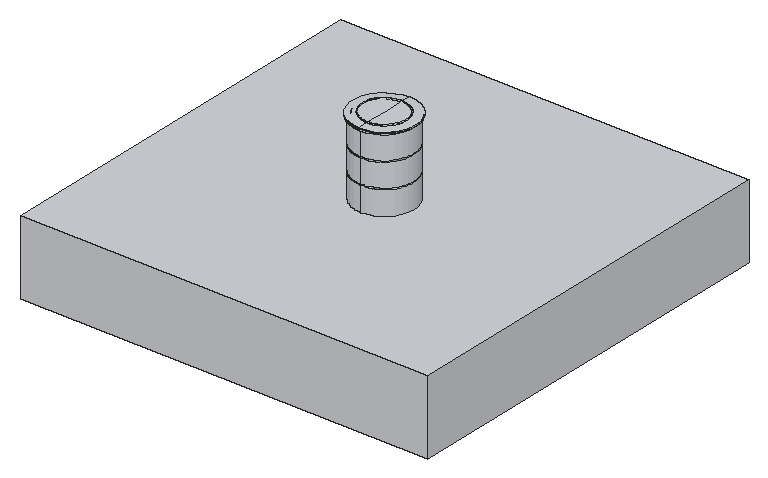
Revit family "Alcon-9094-Revit-Family", category Luminarias, Revit 2025
Family settings
  Anfitrión = Cara
  Cota de conector redondo = Usar diámetro
  Tipo de pieza = Normal
  Corte con vacíos al cargar = No
  Origen de luz = Sí
  Mantener orientación de anotación = No
  Compartido = No
  Punto de cálculo de habitación = No
Parameters
  Tilt Angle = 60.00°
  built-in parameter 1010506 = 0.5236 (stored number, unit not read)
  built-in parameter 1010507 = 1.5708 (stored number, unit not read)
  Wattage = 9.2903 W
  URL = "https://www.alconlighting.com/canna-9094.html"
  built-in parameter 1150107 = 3200 (stored number, unit not read)
  TOP FINISH = none
  built-in parameter 1150110 = 1 (stored number, unit not read)
  built-in parameter 1150109 = 1 (stored number, unit not read)
  built-in parameter 1150112 = 1 (stored number, unit not read)
  built-in parameter 1150113 = 1 (stored number, unit not read)
  built-in parameter 1114218 = 1 (stored number, unit not read)
  Product Page = "https://www.alconlighting.com/canna-9094.html"
  Product Data URL = "https://www.alconlighting.com/canna-9094.html"
  built-in parameter 1150137 = (empty or 0)
  built-in parameter 1150132 = (empty or 0)
  Modelo = "Alcon Lighting 9094"
  Longitud de símbolo de origen de luz = 10' - 0"
  Link to IES File = "https://www.alconlighting.com/canna-9094.html"
  LENS GLASS = Glass
  built-in parameter 1150105 = 4614.1 (stored number, unit not read)
  built-in parameter 1150102 = (empty or 0)
  built-in parameter 1150106 = 46.141 (stored number, unit not read)
  Lumens = 1380 lm
  Color Filter = 16777215
  built-in parameter 1114217 = 1 (stored number, unit not read)
  built-in parameter 1150139 = (empty or 0)
  Fabricante = "Alcon Lighting"
  Default Elevation = 4' - 0"
  built-in parameter 1150104 = 13.8 (stored number, unit not read)
  built-in parameter 1150115 = 1 (stored number, unit not read)
  built-in parameter 1150114 = 1 (stored number, unit not read)
  built-in parameter 1150138 = (empty or 0)
  built-in parameter 1150134 = 3
  Dimming Lamp Color Temperature Shift = (empty or 0)
  built-in parameter 1150133 = 10 (stored number, unit not read)
Reference planes (in)
  plane 1 "Center (Front/Back)": y = 0
  plane 2: z = 0
  plane 3 "Center (Left/Right)": x = 0
Forms (in)
  Extrusion 1, solid
    sketch origin (0, 0, 0) x (1, 0, 0) y (0, 1, 0)
      loop
        line (-33, 32.41633) -> (-33, -32.40783) -> (32.98586, -32.40783) -> (32.98586, 32.41633) -> (-33, 32.41633)
    from 0 to -12
  Revolve 2, solid
    sketch origin (0, -9.37296, 0) x (0, 1, 0) y (0, 0, 1)
      loop
        line (9.37722, 0) -> (14.12722, 0) -> (14.12722, 3.96875)
        arc (14.12722, 3.96875) -> (14.15847, 4) -> (14.12722, 4.03125) r 0.03125
        line (14.12722, 4.03125) -> (14.12722, 7.96875)
        arc (14.12722, 7.96875) -> (14.15847, 8) -> (14.12722, 8.03125) r 0.03125
        line (14.12722, 8.03125) -> (14.12722, 12) -> (14.37722, 12) -> (14.37722, 12.25) -> (13.65141, 12.25) -> (12.87722, 4.25) -> (9.37722, 4.25) -> (9.37722, 0)
      axis (9.37722, 0) -> (9.37722, 12.25)
    angle from 0 to 360
  Revolve 3, solid
    sketch origin (0, -9.37296, 0) x (0, 1, 0) y (0, 0, 1)
      loop
        line (12.95222, 12.25) -> (14.50222, 12.25) -> (14.50222, 12.375) -> (12.95222, 12.5) -> (12.95222, 12.25)
      axis (9.37722, 12.5) -> (9.37722, 12.25)
    angle from 0 to 360
  Revolve 4, solid
    sketch origin (0, 0, 0) x (0, 1, 0) y (0, 0, 1)
      loop
        line (3.55353, 12.375) -> (3.55353, 12.46404)
        arc (3.55353, 12.46404) -> (3.53523, 12.50823) -> (3.49103, 12.52654) r 0.0625
        line (3.49103, 12.52654) -> (0, 12.52654) -> (0, 12.375) -> (3.55353, 12.375)
      axis (0, 12.375) -> (0, 12.52654)
    angle from 0 to 360
Dimensions and locks (in)
  aligned and locked: plane 2 to Extrusion 1
  aligned and locked: level to Extrusion 1
